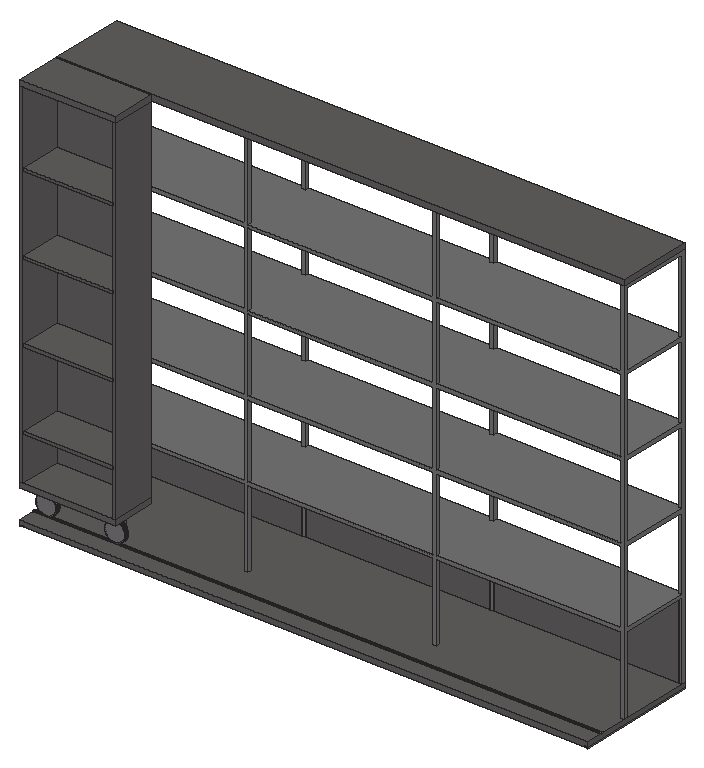
Revit family "Storage-Teknion-PCL__Literatura_Bookcase-R2015", category Furniture, Revit 2015
Parameters (values of type "75" Height w/Glider Shelf")
  Wood Frame Finish [instance] = Wood - Teknion - PWD - Dark Stained Walnut
  Width [instance] = 105.000"
  Warranty = "http://www.teknion.com/ca/papers/legal-canada"
  Unit Weight URL = "http://www.teknion.com/ca/tools/assets#&asset=bee6a381-b954-425e-8283-5a2de3a804f2,f828d448-4b62-4231-9e5f-9a8991c0ed77"
  URL = "www.teknion.com"
  Triple Front Feet [instance] = and(Depth = 22.441", or(Width = 105.000", Width = 117.000"))  # yes
  Triple Back Panel Visibility [instance] = or(Width = 105.000", Width = 117.000")  # yes
  Top Shelf Thickness = 1.037"
  Top Shelf Notch [instance] = if(Depth = 13.976", 1.000", -(2.000" + Actual Width))  # -107.394"
  Sustainability Data = "http://www.teknion.com/ca/tools/assets#&topic=216f99a5-57a0-44fc-b10a-9dee9b29ae4c&asset=444deb64-fe58-4b68-981e-f75e97781df7"
  Single Divide [instance] = if(or(Width = 70.000", Width = 94.000"), 1.000", 20.000")  # 20.000"
  Single Back Panel Visibility [instance] = or(Width = 35.000", Width = 47.000")  # no
  Shelf Location = 11.211"
  Series = "Punt Collection"  # constant formula
  Product Page URL = "https://www.teknion.com/ca/products/product-details?productlineid=13efbb6e-8e7a-673b-a6c8-ff05004460c4"
  Product Line = "Punt Collection"  # constant formula
  Product Documentation Link = "https://d2r72yk5wmppdj.cloudfront.net/m/6d514eff6f2d8621/original/PUNT-Sell-Sheet.pdf"
  Part Number = "PCLO"
  Model = "PCLO7522__"
  Middle Support Location-Dual [instance] = if(Width = 105.000", 17.146", if(Width = 117.000", 23.051", 5.000"))  # 17.146"
  Manufacturer Phone = "416-661-3370"  # constant formula
  Manufacturer Fax = "416.661.4586"  # constant formula
  Manufacturer Contact Information = "http://www.teknion.com/ca/contactus"
  Manufacturer Address = "1150 Flint Road, Toronto, ON. M3J 2J5. Canada"  # constant formula
  Manufacturer = "Teknion"  # constant formula
  Height = 74.685"
  Has Shelf Rail = yes
  Has Rail Shelf 75" = yes
  Has Rail Shelf 46" = no
  Front Feet = Depth = 22.441"  # yes
  Frame Finish [instance] = Paint - Teknion - PPB -  Black Painted
  Double Front Feet [instance] = and(Depth = 22.441", or(Width = 70.000", Width = 94.000"))  # no
  Double Divide [instance] = if(or(Width = 105.000", Width = 117.000"), 1.000", 20.000")  # 1.000"
  Double Back Panel Visibility [instance] = or(Width = 70.000", Width = 94.000")  # no
  Description = "Literatura Open w/ Glider Shelf, 75\" Height, 22\" Depth"
  Depth of Shelf Unit = 13.937"  # constant formula
  Depth = 22.441"
  Available Widths [instance] = "35, 47, 70, 94, 105, and 117 Inches."  # constant formula
  Assembly Code = "E2020200"
  Actual Width [instance] = if(Width = 35.000", 35.551", if(Width = 47.000", 47.362", if(Width = 70.000", 70.472", if(Width = 94.000", 94.095", if(Width = 105.000", 105.394", 117.205")))))  # 105.394"
  75 Hieght = 1.000"
  75 Height & Triple Cut [instance] = if(and([75 Hieght] = 20.000", Triple Back Panel Visibility), 20.000", 1.000")  # 1.000"
  75 Height & Singular Cut [instance] = if(and([75 Hieght] = 20.000", Single Back Panel Visibility), 20.000", 1.000")  # 1.000"
  75 Height & Dual Cut [instance] = if(and([75 Hieght] = 20.000", Double Back Panel Visibility), 20.000", 1.000")  # 1.000"
Reference planes (in)
  plane 1 "Center Front/Back": y = 0
  plane 2: z = 0
  plane 3 "Center Left/Right": x = 0
  plane 4 "Left": x = -52.697
  plane 5 "Right": x = 52.697
  plane 6 "Back": y = 11.2205
  plane 7 "Front": y = -11.2205
  plane 8 "Top": z = 74.685
  plane 9: x = -52.067
  plane 10: x = 52.067
  plane 11: x = -0.315
  plane 12: x = 0.315
  plane 13: x = -17.776
  plane 14: x = -17.146
  plane 15: x = 17.146
  plane 16: x = 17.776
  plane 17 "Front of Shelf Unit": y = -2.726
  plane 18 "Back of Shelf Unit": y = 11.211
  plane 19 "Horizontal Cut Plain Boundary": y = -4.726
  plane 20 "Bottom of Shelf Unit": z = 1.539
  plane 21 "Shelf 1": z = 16.52
  plane 22 "Shelf 2": z = 30.792
  plane 23 "Shelf 3": z = 45.064
  plane 24 "Shelf 4": z = 59.3357
  plane 25: z = 73.6477
  plane 26: z = 15.929
  plane 27: z = 30.201
  plane 28: z = 44.473
  plane 29: z = 58.7447
  plane 30: y = 10.581
  plane 31: y = -2.096
  plane 32: z = 15.897
  plane 33: z = 30.169
  plane 34: z = 44.441
  plane 35: z = 58.7127
  plane 36: z = 73.0247
  plane 37: z = 0.5
  plane 38: z = 0.6575
  plane 39 "Bottom of Top": z = 73.648
  plane 40: y = -2.7555
  plane 41: y = -7.9135
  plane 42: y = -7.68122
  plane 43: y = -7.81507
  plane 44: y = -8.01193
  plane 45: y = -8.14578
  plane 46: z = 1.57837
  plane 47: y = 10.0489
  plane 48: y = -1.56528
  plane 49: x = -51.5159
  plane 50: x = 51.51608
  plane 51: x = -17.461
  plane 52: x = 17.461
  plane 53: y = 10.0489
  plane 54: y = -1.56528
  plane 55: y = 10.0489
  plane 56: y = -1.56528
  plane 57: y = -9.252
  plane 58: x = -51.5159
  plane 59: x = 51.51608
  plane 60: y = -9.252
  plane 61: x = -17.461
  plane 62: x = 17.461
  plane 63: y = -9.252
  plane 64: y = -2.9525
  plane 65: y = -7.9092
Forms (in)
  Extrusion 1, solid, material "Paint - Teknion - PPB -  Black Painted" <- "Frame Finish"
    sketch origin (0, 0, 1.539) x (-1, 0, 0) y (0, -1, 0)
      loop
        line (52.697, -11.211) -> (52.697, 2.726) -> (-52.697, 2.726) -> (-52.697, -11.211) -> (52.697, -11.211)
    from 0 to 72.1087
  Extrusion 2, void
    sketch origin (0, -4.726, 0) x (-1, 0, 0) y (0, 0, 1)
      loop
        line (52.067, 15.929) -> (17.776, 15.929) -> (17.776, 1.539) -> (52.067, 1.539) -> (52.067, 15.929)
      loop
        line (-52.067, 1.539) -> (-17.776, 1.539) -> (-17.776, 15.929) -> (-52.067, 15.929) -> (-52.067, 1.539)
      loop
        line (52.067, 30.201) -> (17.776, 30.201) -> (17.776, 16.52) -> (52.067, 16.52) -> (52.067, 30.201)
      loop
        line (-52.067, 16.52) -> (-17.776, 16.52) -> (-17.776, 30.201) -> (-52.067, 30.201) -> (-52.067, 16.52)
      loop
        line (52.067, 44.473) -> (17.776, 44.473) -> (17.776, 30.792) -> (52.067, 30.792) -> (52.067, 44.473)
      loop
        line (-52.067, 30.792) -> (-17.776, 30.792) -> (-17.776, 44.473) -> (-52.067, 44.473) -> (-52.067, 30.792)
      loop
        line (52.067, 58.7447) -> (17.776, 58.7447) -> (17.776, 45.064) -> (52.067, 45.064) -> (52.067, 58.7447)
      loop
        line (-52.067, 45.064) -> (-17.776, 45.064) -> (-17.776, 58.7447) -> (-52.067, 58.7447) -> (-52.067, 45.064)
      loop
        line (52.067, 73.6477) -> (17.776, 73.6477) -> (17.776, 59.3357) -> (52.067, 59.3357) -> (52.067, 73.6477)
      loop
        line (-52.067, 59.3357) -> (-17.776, 59.3357) -> (-17.776, 73.6477) -> (-52.067, 73.6477) -> (-52.067, 59.3357)
      loop
        line (17.146, 73.6477) -> (0.315, 73.6477) -> (0.315, 59.3357) -> (17.146, 59.3357) -> (17.146, 73.6477)
      loop
        line (-0.315, 73.6477) -> (-17.146, 73.6477) -> (-17.146, 59.3357) -> (-0.315, 59.3357) -> (-0.315, 73.6477)
      loop
        line (17.146, 58.7447) -> (0.315, 58.7447) -> (0.315, 45.064) -> (17.146, 45.064) -> (17.146, 58.7447)
      loop
        line (-0.315, 58.7447) -> (-17.146, 58.7447) -> (-17.146, 45.064) -> (-0.315, 45.064) -> (-0.315, 58.7447)
      loop
        line (17.146, 44.473) -> (0.315, 44.473) -> (0.315, 30.792) -> (17.146, 30.792) -> (17.146, 44.473)
      loop
        line (-0.315, 44.473) -> (-17.146, 44.473) -> (-17.146, 30.792) -> (-0.315, 30.792) -> (-0.315, 44.473)
      loop
        line (17.146, 30.201) -> (0.315, 30.201) -> (0.315, 16.52) -> (17.146, 16.52) -> (17.146, 30.201)
      loop
        line (-0.315, 30.201) -> (-17.146, 30.201) -> (-17.146, 16.52) -> (-0.315, 16.52) -> (-0.315, 30.201)
      loop
        line (17.146, 15.929) -> (0.315, 15.929) -> (0.315, 1.539) -> (17.146, 1.539) -> (17.146, 15.929)
      loop
        line (-0.315, 15.929) -> (-17.146, 15.929) -> (-17.146, 1.539) -> (-0.315, 1.539) -> (-0.315, 15.929)
    from 0 to 15.9465
  Extrusion 3, void
    sketch origin (-52.697, 0, 0) x (0, 1, 0) y (0, 0, 1)
      loop
        line (10.581, 15.897) -> (-2.096, 15.897) -> (-2.096, 1.539) -> (10.581, 1.539) -> (10.581, 15.897)
      loop
        line (10.581, 30.169) -> (-2.096, 30.169) -> (-2.096, 16.52) -> (10.581, 16.52) -> (10.581, 30.169)
      loop
        line (10.581, 44.441) -> (-2.096, 44.441) -> (-2.096, 30.792) -> (10.581, 30.792) -> (10.581, 44.441)
      loop
        line (10.581, 58.7127) -> (-2.096, 58.7127) -> (-2.096, 45.064) -> (10.581, 45.064) -> (10.581, 58.7127)
      loop
        line (10.581, 73.0247) -> (-2.096, 73.0247) -> (-2.096, 59.3357) -> (10.581, 59.3357) -> (10.581, 73.0247)
    from 0 to 105.394
  Extrusion 4, void
    sketch origin (0, -4.726, 0) x (-1, 0, 0) y (0, 0, 1)
      loop
        line (17.776, 73.6477) -> (17.146, 73.6477) -> (17.146, 59.3357) -> (17.776, 59.3357) -> (17.776, 73.6477)
      loop
        line (-17.146, 73.6477) -> (-17.776, 73.6477) -> (-17.776, 59.3357) -> (-17.146, 59.3357) -> (-17.146, 73.6477)
      loop
        line (-17.146, 58.7447) -> (-17.776, 58.7447) -> (-17.776, 45.064) -> (-17.146, 45.064) -> (-17.146, 58.7447)
      loop
        line (17.776, 58.7447) -> (17.146, 58.7447) -> (17.146, 45.064) -> (17.776, 45.064) -> (17.776, 58.7447)
      loop
        line (17.776, 44.473) -> (17.146, 44.473) -> (17.146, 30.792) -> (17.776, 30.792) -> (17.776, 44.473)
      loop
        line (-17.146, 44.473) -> (-17.776, 44.473) -> (-17.776, 30.792) -> (-17.146, 30.792) -> (-17.146, 44.473)
      loop
        line (17.776, 30.201) -> (17.146, 30.201) -> (17.146, 16.52) -> (17.776, 16.52) -> (17.776, 30.201)
      loop
        line (-17.146, 30.201) -> (-17.776, 30.201) -> (-17.776, 16.52) -> (-17.146, 16.52) -> (-17.146, 30.201)
      loop
        line (17.776, 15.929) -> (17.146, 15.929) -> (17.146, 1.539) -> (17.776, 1.539) -> (17.776, 15.929)
      loop
        line (-17.146, 15.929) -> (-17.776, 15.929) -> (-17.776, 1.539) -> (-17.146, 1.539) -> (-17.146, 15.929)
    from 0 to 1 <- "Double Divide"
  Extrusion 5, void
    sketch origin (0, -4.726, 0) x (-1, 0, 0) y (0, 0, 1)
      loop
        line (0.315, 73.6477) -> (-0.315, 73.6477) -> (-0.315, 59.3357) -> (0.315, 59.3357) -> (0.315, 73.6477)
      loop
        line (0.315, 58.7447) -> (-0.315, 58.7447) -> (-0.315, 45.064) -> (0.315, 45.064) -> (0.315, 58.7447)
      loop
        line (0.315, 44.473) -> (-0.315, 44.473) -> (-0.315, 30.792) -> (0.315, 30.792) -> (0.315, 44.473)
      loop
        line (0.315, 30.201) -> (-0.315, 30.201) -> (-0.315, 16.52) -> (0.315, 16.52) -> (0.315, 30.201)
      loop
        line (0.315, 15.929) -> (-0.315, 15.929) -> (-0.315, 1.539) -> (0.315, 1.539) -> (0.315, 15.929)
    from 0 to 20 <- "Single Divide"
  Extrusion 6, solid, material "Wood - Teknion - PWD - Dark Stained Walnut" <- "Wood Frame Finish"
    sketch origin (0, -4.726, 0) x (-1, 0, 0) y (0, 0, 1)
      loop
        line (52.697, 1.539) -> (-52.697, 1.539) -> (-52.697, 0.6575) -> (-52.067, 0.6575) -> (-52.067, 0.5) -> (52.067, 0.5) -> (52.067, 0.6575) -> (52.697, 0.6575) -> (52.697, 1.539)
    from -6.4945 to 15.9465
  Extrusion 7, solid, material "Wood - Teknion - PWD - Dark Stained Walnut" <- "Wood Frame Finish", visible <- "Single Back Panel Visibility"
    sketch origin (0, 0, 1.539) x (-1, 0, 0) y (0, -1, 0)
      loop
        line (52.067, -11.2205) -> (52.067, -10.581) -> (-52.067, -10.581) -> (-52.067, -11.2205) -> (52.067, -11.2205)
    from 0 to 14.39
  Extrusion 8, solid, material "Wood - Teknion - PWD - Dark Stained Walnut" <- "Wood Frame Finish", visible <- "Double Back Panel Visibility"
    sketch origin (0, 0, 1.539) x (-1, 0, 0) y (0, -1, 0)
      loop
        line (52.067, -11.2205) -> (52.067, -10.581) -> (0.315, -10.581) -> (0.315, -11.2205) -> (52.067, -11.2205)
      loop
        line (-0.315, -11.2205) -> (-0.315, -10.581) -> (-52.067, -10.581) -> (-52.067, -11.2205) -> (-0.315, -11.2205)
    from 0 to 14.39
  Extrusion 9, solid, material "Wood - Teknion - PWD - Dark Stained Walnut" <- "Wood Frame Finish", visible <- "Triple Back Panel Visibility"
    sketch origin (0, 0, 1.539) x (-1, 0, 0) y (0, -1, 0)
      loop
        line (52.067, -11.2205) -> (52.067, -10.581) -> (17.776, -10.581) -> (17.776, -11.2205) -> (52.067, -11.2205)
      loop
        line (-17.776, -11.2205) -> (-17.776, -10.581) -> (-52.067, -10.581) -> (-52.067, -11.2205) -> (-17.776, -11.2205)
      loop
        line (17.146, -11.2205) -> (17.146, -10.581) -> (-17.146, -10.581) -> (-17.146, -11.2205) -> (17.146, -11.2205)
    from 0 to 14.39
  Extrusion 10, solid, material "Wood - Teknion - PWD - Dark Stained Walnut" <- "Wood Frame Finish"
    sketch origin (0, 0, 74.685) x (-1, 0, 0) y (0, -1, 0)
      loop
        line (52.697, -11.2205) -> (52.697, 2.7555) -> (-52.697, 2.7555) -> (-52.697, -11.2205) -> (52.697, -11.2205)
    from -1.037 to 0
  Extrusion 11, void
    sketch origin (0, -4.726, 0) x (-1, 0, 0) y (0, 0, 1)
      loop
        line (52.697, 73.6477) -> (-52.697, 73.6477) -> (-52.697, 45.064) -> (52.697, 45.064) -> (52.697, 73.6477)
    from 0 to 1 <- "75 Hieght"
  Extrusion 12, void
    sketch origin (0, -4.726, 0) x (-1, 0, 0) y (0, 0, 1)
      loop
        line (52.067, 45.064) -> (-52.067, 45.064) -> (-52.067, 44.473) -> (52.067, 44.473) -> (52.067, 45.064)
    from 0 to 1 <- "75 Height & Singular Cut"
  Extrusion 13, void
    sketch origin (0, -4.726, 0) x (-1, 0, 0) y (0, 0, 1)
      loop
        line (52.067, 45.064) -> (0.315, 45.064) -> (0.315, 44.473) -> (52.067, 44.473) -> (52.067, 45.064)
      loop
        line (-0.315, 45.064) -> (-52.067, 45.064) -> (-52.067, 44.473) -> (-0.315, 44.473) -> (-0.315, 45.064)
    from 0 to 1 <- "75 Height & Dual Cut"
  Extrusion 14, void
    sketch origin (0, -4.726, 0) x (-1, 0, 0) y (0, 0, 1)
      loop
        line (52.067, 45.064) -> (17.776, 45.064) -> (17.776, 44.473) -> (52.067, 44.473) -> (52.067, 45.064)
      loop
        line (17.146, 45.064) -> (-17.146, 45.064) -> (-17.146, 44.473) -> (17.146, 44.473) -> (17.146, 45.064)
      loop
        line (-17.776, 45.064) -> (-52.067, 45.064) -> (-52.067, 44.473) -> (-17.776, 44.473) -> (-17.776, 45.064)
    from 0 to 1 <- "75 Height & Triple Cut"
  Extrusion 15, solid, material "Paint - Teknion - PPB -  Black Painted" <- "Frame Finish", visible <- "Has Shelf Rail"
    sketch origin (0, 0, 0) x (0, 1, 0) y (0, 0, 1)
      loop
        arc (-7.81507, 1.65317) -> (-7.9135, 1.7516) -> (-8.01193, 1.65317) r 0.09843
        line (-8.01193, 1.65317) -> (-8.01193, 1.57837) -> (-8.14578, 1.57837) -> (-8.14578, 1.539) -> (-7.68122, 1.539) -> (-7.68122, 1.57837) -> (-7.81507, 1.57837) -> (-7.81507, 1.65317)
    from -52.697 to 52.697
  Extrusion 16, solid, material "Paint - Teknion - PPB -  Black Painted" <- "Frame Finish"
    sketch origin (0, 0, 0) x (1, 0, 0) y (0, 1, 0)
      loop
        line (-52.697, 11.211) -> (-52.697, -11.2205) -> (-52.067, -11.2205) -> (-52.067, 11.211) -> (-52.697, 11.211)
      loop
        line (52.067, 11.211) -> (52.067, -11.2205) -> (52.697, -11.2205) -> (52.697, 11.211) -> (52.067, 11.211)
    from 0.5 to 0.6575
  Extrusion 17, solid, material "Paint - Teknion - PPB -  Black Painted" <- "Frame Finish"
    sketch origin (0, 0, 0) x (1, 0, 0) y (0, 1, 0)
      loop
        circle (51.51608, -1.56528) r 0.5
      loop
        circle (-51.5159, -1.56528) r 0.5
      loop
        circle (51.51608, 10.0489) r 0.5
      loop
        circle (-51.5159, 10.0489) r 0.5
    from 0 to 0.5
  Extrusion 18, solid, material "Paint - Teknion - PPB -  Black Painted" <- "Frame Finish", visible <- "Triple Back Panel Visibility"
    sketch origin (0, 0, 0) x (1, 0, 0) y (0, 1, 0)
      loop
        circle (-17.461, 10.0489) r 0.5
      loop
        circle (-17.461, -1.56528) r 0.5
      loop
        circle (17.461, 10.0489) r 0.5
      loop
        circle (17.461, -1.56528) r 0.5
    from 0 to 0.5
  Extrusion 19, solid, material "Paint - Teknion - PPB -  Black Painted" <- "Frame Finish", visible <- "Double Back Panel Visibility"
    sketch origin (0, 0, 0) x (1, 0, 0) y (0, 1, 0)
      loop
        circle (0, 10.0489) r 0.5
      loop
        circle (0, -1.56528) r 0.5
    from 0 to 0.5
  Extrusion 20, solid, material "Paint - Teknion - PPB -  Black Painted" <- "Frame Finish", visible <- "Front Feet"
    sketch origin (0, 0, 0) x (1, 0, 0) y (0, 1, 0)
      loop
        circle (-51.5159, -9.252) r 0.5
      loop
        circle (51.5159, -9.252) r 0.5
    from 0 to 0.5
  Extrusion 21, solid, material "Paint - Teknion - PPB -  Black Painted" <- "Frame Finish", visible <- "Triple Front Feet"
    sketch origin (0, 0, 0) x (1, 0, 0) y (0, 1, 0)
      loop
        circle (-17.461, -9.252) r 0.5
      loop
        circle (17.461, -9.252) r 0.5
    from 0 to 0.5
  Extrusion 22, solid, material "Paint - Teknion - PPB -  Black Painted" <- "Frame Finish", visible <- "Double Front Feet"
    sketch origin (0, 0, 0) x (1, 0, 0) y (0, 1, 0)
      loop
        circle (0, -9.252) r 0.5
    from 0 to 0.5
Cuts and joins
  Extrusion 2, Extrusion 3, Extrusion 4, Extrusion 5, Extrusion 11, Extrusion 12, Extrusion 13, Extrusion 14 cuts Extrusion 1
Lines and regions (in)
  Masking region 1
    outline origin (0, 0, 0) x (1, 0, 0) y (0, 1, 0)
      loop
        line (-52.697, 11.2205) -> (-52.697, -11.2205) -> (52.697, -11.2205) -> (52.697, 11.2205) -> (-52.697, 11.2205)
  symbolic lines, style "FurnitureHiddenLines", detail levels medium+fine
    curve 1: line (-52.697, 10.581, 0) -> (52.697, 10.581, 0)
    curve 2: line (-52.067, 11.211, 0) -> (-52.067, -2.726, 0)
    curve 3: line (-52.697, -2.726, 0) -> (52.697, -2.726, 0)
    curve 4: line (52.067, -2.726, 0) -> (52.067, 11.211, 0)
    curve 5: line (52.697, 11.211, 0) -> (-52.697, 11.211, 0)
    curve 21: line (-52.697, -2.096, 0) -> (-52.067, -2.096, 0)
    curve 22: line (52.067, -2.096, 0) -> (52.697, -2.096, 0)
  symbolic lines, style "FurnitureHiddenLines", visible <- "Double Back Panel Visibility", detail levels medium+fine
    curve 6: line (-0.315, -2.726, 0) -> (-0.315, 11.2205, 0)
    curve 7: line (0.315, 11.2205, 0) -> (0.315, -2.726, 0)
    curve 8: line (-0.315, -2.096, 0) -> (0.315, -2.096, 0)
  symbolic lines, style "FurnitureHiddenLines", visible <- "Double Back Panel Visibility", detail levels fine
    curve 9: arc (0.5, 10.0489, 0) -> (0, 10.5489, 0) -> (-0.5, 10.0489, 0) r 0.5
    curve 10: arc (-0.5, 10.0489, 0) -> (0, 9.5489, 0) -> (0.5, 10.0489, 0) r 0.5
    curve 11: arc (0.5, -1.56528, 0) -> (0, -1.06528, 0) -> (-0.5, -1.56528, 0) r 0.5
    curve 12: arc (-0.5, -1.56528, 0) -> (0, -2.06528, 0) -> (0.5, -1.56528, 0) r 0.5
  symbolic lines, style "FurnitureHiddenLines", detail levels fine
    curve 13: arc (-51.0159, 10.0489, 0) -> (-51.5159, 10.5489, 0) -> (-52.0159, 10.0489, 0) r 0.5
    curve 14: arc (-52.0159, 10.0489, 0) -> (-51.5159, 9.5489, 0) -> (-51.0159, 10.0489, 0) r 0.5
    curve 15: arc (-51.0159, -1.56528, 0) -> (-51.5159, -1.06528, 0) -> (-52.0159, -1.56528, 0) r 0.5
    curve 16: arc (-52.0159, -1.56528, 0) -> (-51.5159, -2.06528, 0) -> (-51.0159, -1.56528, 0) r 0.5
    curve 17: arc (52.01608, -1.56528, 0) -> (51.51608, -1.06528, 0) -> (51.01608, -1.56528, 0) r 0.5
    curve 18: arc (51.01608, -1.56528, 0) -> (51.51608, -2.06528, 0) -> (52.01608, -1.56528, 0) r 0.5
    curve 19: arc (52.01608, 10.0489, 0) -> (51.51608, 10.5489, 0) -> (51.01608, 10.0489, 0) r 0.5
    curve 20: arc (51.01608, 10.0489, 0) -> (51.51608, 9.5489, 0) -> (52.01608, 10.0489, 0) r 0.5
  symbolic lines, style "FurnitureHiddenLines", visible <- "Triple Back Panel Visibility", detail levels medium+fine
    curve 23: line (-17.776, 11.2205, 0) -> (-17.776, -2.7555, 0)
    curve 24: line (-17.146, -2.7555, 0) -> (-17.146, 11.2205, 0)
    curve 25: line (-17.776, -2.096, 0) -> (-17.146, -2.096, 0)
    curve 26: line (17.146, 11.2205, 0) -> (17.146, -2.726, 0)
    curve 27: line (17.776, -2.726, 0) -> (17.776, 11.2205, 0)
    curve 28: line (17.146, -2.096, 0) -> (17.776, -2.096, 0)
  symbolic lines, style "FurnitureHiddenLines", visible <- "Triple Back Panel Visibility", detail levels fine
    curve 29: arc (16.961, 10.0489, 0) -> (17.461, 9.5489, 0) -> (17.961, 10.0489, 0) r 0.5
    curve 30: arc (17.961, 10.0489, 0) -> (17.461, 10.5489, 0) -> (16.961, 10.0489, 0) r 0.5
    curve 31: arc (17.961, -1.56528, 0) -> (17.461, -1.06528, 0) -> (16.961, -1.56528, 0) r 0.5
    curve 32: arc (16.961, -1.56528, 0) -> (17.461, -2.06528, 0) -> (17.961, -1.56528, 0) r 0.5
    curve 33: arc (-16.961, -1.56528, 0) -> (-17.461, -1.06528, 0) -> (-17.961, -1.56528, 0) r 0.5
    curve 34: arc (-17.961, -1.56528, 0) -> (-17.461, -2.06528, 0) -> (-16.961, -1.56528, 0) r 0.5
    curve 35: arc (-16.961, 10.0489, 0) -> (-17.461, 10.5489, 0) -> (-17.961, 10.0489, 0) r 0.5
    curve 36: arc (-17.961, 10.0489, 0) -> (-17.461, 9.5489, 0) -> (-16.961, 10.0489, 0) r 0.5
  symbolic lines
    curve 37: line (-52.697, -2.7555, 0) -> (52.697, -2.7555, 0)
  symbolic lines, visible <- "Has Shelf Rail"
    curve 38: line (52.697, -7.68122, 0) -> (-34.9805, -7.68122, 0)
    curve 39: line (52.697, -7.81507, 0) -> (-34.98039, -7.81507, 0)
    curve 54: line (-34.98046, -8.01193, 0) -> (52.697, -8.01193, 0)
    curve 55: line (-34.97995, -8.14578, 0) -> (52.697, -8.14578, 0)
  symbolic lines, style "FurnitureHiddenLines", visible <- "Has Shelf Rail", detail levels medium+fine
    curve 40: line (-52.697, -8.01193, 0) -> (-34.98046, -8.01193, 0)
    curve 41: line (-52.697, -8.14578, 0) -> (-34.97995, -8.14578, 0)
    curve 52: line (-34.9805, -7.68122, 0) -> (-52.697, -7.68122, 0)
    curve 53: line (-34.98039, -7.81507, 0) -> (-52.697, -7.81507, 0)
  symbolic lines, style "FurnitureHiddenLines", visible <- "Front Feet", detail levels fine
    curve 42: arc (-51.0159, -9.252, 0) -> (-51.5159, -8.752, 0) -> (-52.0159, -9.252, 0) r 0.5
    curve 43: arc (-52.0159, -9.252, 0) -> (-51.5159, -9.752, 0) -> (-51.0159, -9.252, 0) r 0.5
    curve 44: arc (52.0159, -9.252, 0) -> (51.5159, -8.752, 0) -> (51.0159, -9.252, 0) r 0.5
    curve 45: arc (51.0159, -9.252, 0) -> (51.5159, -9.752, 0) -> (52.0159, -9.252, 0) r 0.5
  symbolic lines, style "FurnitureHiddenLines", visible <- "Triple Front Feet", detail levels fine
    curve 46: arc (16.961, -9.252, 0) -> (17.461, -9.752, 0) -> (17.961, -9.252, 0) r 0.5
    curve 47: arc (-16.961, -9.252, 0) -> (-17.461, -8.752, 0) -> (-17.961, -9.252, 0) r 0.5
    curve 48: arc (-17.961, -9.252, 0) -> (-17.461, -9.752, 0) -> (-16.961, -9.252, 0) r 0.5
    curve 49: arc (17.961, -9.252, 0) -> (17.461, -8.752, 0) -> (16.961, -9.252, 0) r 0.5
  symbolic lines, style "FurnitureHiddenLines", visible <- "Double Front Feet", detail levels fine
    curve 50: arc (0.5, -9.252, 0) -> (0, -8.752, 0) -> (-0.5, -9.252, 0) r 0.5
    curve 51: arc (-0.5, -9.252, 0) -> (0, -9.752, 0) -> (0.5, -9.252, 0) r 0.5
Dimensions and locks (in)
  "Actual Width": plane 4 "Left" to plane 5 "Right"
  "Depth": plane 6 "Back" to plane 7 "Front"
  "Height": plane 8 "Top" to level
  locked: plane 9 to plane 4 "Left" at 0.63
  locked: plane 5 "Right" to plane 10 at 0.63
  plane 12 to plane 3 "Center Left/Right" to plane 11 = 0.315" locked, 0.315" locked
  "Middle Support Location-Dual": plane 14 to plane 3 "Center Left/Right"
  "Middle Support Location-Dual": plane 3 "Center Left/Right" to plane 15
  equal spacing: plane 4 "Left", plane 3 "Center Left/Right", plane 5 "Right"
  equal spacing: plane 6 "Back", plane 1 "Center Front/Back", plane 7 "Front"
  locked: plane 13 to plane 14 at 0.63
  locked: plane 15 to plane 16 at 0.63
  plane 9 to plane 13 = 34.291"
  plane 14 to plane 15 = 34.292"
  plane 16 to plane 10 = 34.291"
  "Depth of Shelf Unit": plane 18 "Back of Shelf Unit" to plane 17 "Front of Shelf Unit"
  "Shelf Location": plane 18 "Back of Shelf Unit" to plane 1 "Center Front/Back"
  plane 17 "Front of Shelf Unit" to plane 19 "Horizontal Cut Plain Boundary" = 2.000"
  locked: plane 20 "Bottom of Shelf Unit" to plane 2 at 1.539
  plane 25 to plane 24 "Shelf 4" to plane 23 "Shelf 3" to plane 22 "Shelf 2" to plane 21 "Shelf 1" to level = 14.312" locked, 14.2717" locked, 14.272" locked, 14.272" locked, 16.520" locked
  locked: plane 21 "Shelf 1" to plane 26 at 0.591
  locked: plane 22 "Shelf 2" to plane 27 at 0.591
  locked: plane 23 "Shelf 3" to plane 28 at 0.591
  locked: plane 24 "Shelf 4" to plane 29 at 0.591
  locked: plane 18 "Back of Shelf Unit" to plane 30 at 0.63
  locked: plane 31 to plane 17 "Front of Shelf Unit" at 0.63
  locked: plane 21 "Shelf 1" to plane 32 at 0.623
  locked: plane 22 "Shelf 2" to plane 33 at 0.623
  locked: plane 23 "Shelf 3" to plane 34 at 0.623
  locked: plane 24 "Shelf 4" to plane 35 at 0.623
  locked: plane 25 to plane 36 at 0.623
  plane 38 to plane 37 to level = 0.1575" locked, 0.500" locked
  "Top Shelf Thickness": plane 8 "Top" to plane 39 "Bottom of Top"
  locked: plane 6 "Back" to plane 40 at 13.976
  locked: plane 17 "Front of Shelf Unit" to plane 41 at 5.1875
  plane 42 to plane 43 to plane 41 to plane 44 to plane 45 = 0.13386" locked, 0.09843" locked, 0.09843" locked, 0.13386" locked
  Extrusion 15 sketch curve to plane 46 to plane 20 "Bottom of Shelf Unit" = 0.0748" locked, 0.03937" locked
  locked: plane 4 "Left" to plane 49 at 1.1811
  locked: plane 48 to plane 17 "Front of Shelf Unit" at 1.16072
  locked: plane 50 to plane 5 "Right" at 1.18092
  locked: plane 18 "Back of Shelf Unit" to plane 47 at 1.1621
  locked: Extrusion 17 sketch curve to plane 49 at 0  (x2)
  locked: Extrusion 17 sketch curve to plane 47 at 0  (x2)
  locked: plane 50 to Extrusion 17 sketch curve at 0  (x2)
  locked: Extrusion 17 sketch curve to plane 48 at 0  (x2)
  equal spacing: plane 13, plane 51, plane 14
  equal spacing: plane 15, plane 52, plane 16
  locked: plane 30 to plane 53 at 0.5321
  locked: plane 54 to plane 31 at 0.53072
  locked: Extrusion 18 sketch curve to plane 51 at 0
  locked: plane 53 to Extrusion 18 sketch curve at 0  (x2)
  locked: plane 52 to Extrusion 18 sketch curve at 0
  locked: Extrusion 18 sketch curve to plane 52 at 0
  locked: plane 54 to Extrusion 18 sketch curve at 0
  locked: Extrusion 18 sketch curve to plane 54 at 0
  locked: plane 51 to Extrusion 18 sketch curve at 0
  locked: plane 31 to plane 56 at 0.53072
  locked: plane 30 to plane 55 at 0.5321
  locked: plane 55 to Extrusion 19 sketch curve at 0
  locked: plane 3 "Center Left/Right" to Extrusion 19 sketch curve at 0  (x2)
  locked: plane 56 to Extrusion 19 sketch curve at 0
  locked: plane 17 "Front of Shelf Unit" to plane 57 at 6.526
  locked: plane 4 "Left" to plane 58 at 1.1811
  locked: plane 59 to plane 5 "Right" at 1.18092
  locked: Extrusion 20 sketch curve to plane 59 at 0.00018
  locked: plane 57 to Extrusion 20 sketch curve at 0  (x2)
  locked: plane 58 to Extrusion 20 sketch curve at 0
  equal spacing: plane 13, plane 61, plane 14
  equal spacing: plane 15, plane 62, plane 16
  locked: plane 17 "Front of Shelf Unit" to plane 60 at 6.526
  locked: Extrusion 21 sketch curve to plane 61 at 0
  locked: Extrusion 21 sketch curve to plane 60 at 0  (x2)
  locked: Extrusion 21 sketch curve to plane 62 at 0
  locked: plane 17 "Front of Shelf Unit" to plane 63 at 6.526
  locked: plane 3 "Center Left/Right" to Extrusion 22 sketch curve at 0
  locked: plane 63 to Extrusion 22 sketch curve at 0
  Extrusion 10 to plane 64 = 0.197"
  locked: plane 65 to plane 7 "Front" at 3.3113
  aligned and locked: level to plane 2
  aligned and locked: plane 17 "Front of Shelf Unit" to Extrusion 1 sketch curve
  aligned and locked: Extrusion 1 sketch curve to plane 18 "Back of Shelf Unit"
  aligned and locked: plane 5 "Right" to Extrusion 1 sketch curve
  aligned and locked: plane 4 "Left" to Extrusion 1 sketch curve
  aligned and locked: Extrusion 2 sketch curve to plane 25  (x3)
  aligned and locked: plane 9 to Extrusion 2 sketch curve  (x5)
  aligned and locked: Extrusion 2 sketch curve to plane 10  (x5)
  aligned and locked: Extrusion 2 sketch curve to plane 24 "Shelf 4"
  aligned and locked: Extrusion 2 sketch curve to plane 29  (x3)
  aligned and locked: Extrusion 2 sketch curve to plane 23 "Shelf 3"
  aligned and locked: Extrusion 2 sketch curve to plane 28  (x3)
  aligned and locked: Extrusion 2 sketch curve to plane 22 "Shelf 2"
  aligned and locked: Extrusion 2 sketch curve to plane 27  (x3)
  aligned and locked: Extrusion 2 sketch curve to plane 21 "Shelf 1"
  aligned and locked: Extrusion 2 sketch curve to plane 26  (x3)
  aligned and locked: Extrusion 2 sketch curve to plane 20 "Bottom of Shelf Unit"
  aligned and locked: Extrusion 2 to plane 6 "Back"
  aligned and locked: Extrusion 2 to plane 19 "Horizontal Cut Plain Boundary"
  aligned and locked: cut or joined group 1 (Extrusion 1, Extrusion 2, Extrusion 3, Extrusion 4, Extrusion 5, Extrusion 11, Extrusion 12, Extrusion 13, Extrusion 14) to plane 25
  aligned and locked: plane 20 "Bottom of Shelf Unit" to Extrusion 3 sketch curve
  aligned and locked: plane 31 to Extrusion 3 sketch curve  (x5)
  aligned and locked: Extrusion 3 sketch curve to plane 30  (x5)
  aligned and locked: Extrusion 3 sketch curve to plane 32
  aligned and locked: Extrusion 3 sketch curve to plane 33
  aligned and locked: plane 21 "Shelf 1" to Extrusion 3 sketch curve
  aligned and locked: Extrusion 3 sketch curve to plane 34
  aligned and locked: plane 22 "Shelf 2" to Extrusion 3 sketch curve
  aligned and locked: Extrusion 3 sketch curve to plane 35
  aligned and locked: plane 23 "Shelf 3" to Extrusion 3 sketch curve
  aligned and locked: Extrusion 3 sketch curve to plane 36
  aligned and locked: plane 24 "Shelf 4" to Extrusion 3 sketch curve
  aligned and locked: Extrusion 3 to plane 4 "Left"
  aligned and locked: Extrusion 3 to plane 5 "Right"
  aligned and locked: plane 13 to Extrusion 2 sketch curve
  aligned and locked: plane 16 to Extrusion 2 sketch curve
  aligned and locked: Extrusion 2 sketch curve to plane 11  (x5)
  aligned and locked: Extrusion 2 sketch curve to plane 12  (x5)
  aligned and locked: Extrusion 2 sketch curve to plane 14  (x5)
  aligned and locked: plane 15 to Extrusion 2 sketch curve  (x5)
  aligned and locked: plane 20 "Bottom of Shelf Unit" to Extrusion 2 sketch curve  (x2)
  aligned and locked: plane 21 "Shelf 1" to Extrusion 2 sketch curve  (x2)
  aligned and locked: plane 22 "Shelf 2" to Extrusion 2 sketch curve  (x2)
  aligned and locked: plane 23 "Shelf 3" to Extrusion 2 sketch curve  (x2)
  aligned and locked: plane 24 "Shelf 4" to Extrusion 2 sketch curve  (x2)
  aligned and locked: Extrusion 4 sketch curve to plane 25  (x2)
  aligned and locked: Extrusion 4 sketch curve to plane 13  (x5)
  aligned and locked: plane 24 "Shelf 4" to Extrusion 4 sketch curve  (x2)
  aligned and locked: plane 14 to Extrusion 4 sketch curve  (x5)
  aligned and locked: Extrusion 4 sketch curve to plane 15  (x5)
  aligned and locked: plane 16 to Extrusion 4 sketch curve  (x5)
  aligned and locked: plane 23 "Shelf 3" to Extrusion 4 sketch curve  (x2)
  aligned and locked: plane 22 "Shelf 2" to Extrusion 4 sketch curve  (x2)
  aligned and locked: plane 21 "Shelf 1" to Extrusion 4 sketch curve  (x2)
  aligned and locked: plane 20 "Bottom of Shelf Unit" to Extrusion 4 sketch curve  (x2)
  aligned and locked: plane 11 to Extrusion 5 sketch curve  (x5)
  aligned and locked: plane 12 to Extrusion 5 sketch curve  (x5)
  aligned and locked: plane 20 "Bottom of Shelf Unit" to Extrusion 5 sketch curve
  aligned and locked: plane 21 "Shelf 1" to Extrusion 5 sketch curve
  aligned and locked: plane 22 "Shelf 2" to Extrusion 5 sketch curve
  aligned and locked: plane 23 "Shelf 3" to Extrusion 5 sketch curve
  aligned and locked: plane 24 "Shelf 4" to Extrusion 5 sketch curve
  aligned and locked: Extrusion 5 sketch curve to plane 25
  aligned and locked: Extrusion 6 sketch curve to plane 20 "Bottom of Shelf Unit"
  aligned and locked: plane 4 "Left" to Extrusion 6 sketch curve
  aligned and locked: plane 38 to Extrusion 6 sketch curve
  aligned and locked: Extrusion 6 sketch curve to plane 9
  aligned and locked: Extrusion 6 sketch curve to plane 38
  aligned and locked: plane 5 "Right" to Extrusion 6 sketch curve
  aligned and locked: plane 10 to Extrusion 6 sketch curve
  aligned and locked: Extrusion 6 sketch curve to plane 37
  aligned and locked: Extrusion 6 to plane 6 "Back"
  aligned and locked: Extrusion 6 to plane 7 "Front"
  aligned and locked: Extrusion 7 sketch curve to plane 6 "Back"
  aligned and locked: Extrusion 7 sketch curve to plane 10
  aligned and locked: plane 30 to Extrusion 7 sketch curve
  aligned and locked: plane 9 to Extrusion 7 sketch curve
  aligned and locked: Extrusion 7 to cut or joined group 1
  aligned and locked: plane 9 to Extrusion 8 sketch curve
  aligned and locked: plane 30 to Extrusion 8 sketch curve  (x2)
  aligned and locked: Extrusion 8 sketch curve to plane 6 "Back"  (x2)
  aligned and locked: Extrusion 8 sketch curve to plane 12
  aligned and locked: Extrusion 8 sketch curve to plane 10
  aligned and locked: Extrusion 8 to cut or joined group 1
  aligned and locked: plane 9 to Extrusion 9 sketch curve
  aligned and locked: plane 13 to Extrusion 9 sketch curve
  aligned and locked: plane 30 to Extrusion 9 sketch curve  (x3)
  aligned and locked: Extrusion 9 sketch curve to plane 6 "Back"  (x2)
  aligned and locked: Extrusion 9 sketch curve to plane 14
  aligned and locked: plane 15 to Extrusion 9 sketch curve
  aligned and locked: plane 6 "Back" to Extrusion 9 sketch curve
  aligned and locked: Extrusion 9 sketch curve to plane 16
  aligned and locked: Extrusion 9 sketch curve to plane 10
  aligned and locked: Extrusion 9 to cut or joined group 1
  aligned and locked: Extrusion 9 to plane 20 "Bottom of Shelf Unit"
  aligned and locked: Extrusion 8 to plane 20 "Bottom of Shelf Unit"
  aligned and locked: Extrusion 7 to plane 20 "Bottom of Shelf Unit"
  aligned and locked: Extrusion 10 sketch curve to plane 6 "Back"
  aligned and locked: plane 5 "Right" to Extrusion 10 sketch curve
  aligned and locked: plane 4 "Left" to Extrusion 10 sketch curve
  aligned and locked: Extrusion 10 to plane 39 "Bottom of Top"
  aligned and locked: plane 8 "Top" to Extrusion 10
  aligned and locked: plane 4 "Left" to Extrusion 11 sketch curve
  aligned and locked: plane 5 "Right" to Extrusion 11 sketch curve
  aligned and locked: Extrusion 11 sketch curve to plane 25
  aligned and locked: Extrusion 11 sketch curve to plane 23 "Shelf 3"
  aligned and locked: Extrusion 12 sketch curve to plane 23 "Shelf 3"
  aligned and locked: plane 9 to Extrusion 12 sketch curve
  aligned and locked: Extrusion 12 sketch curve to plane 10
  aligned and locked: Extrusion 13 sketch curve to plane 23 "Shelf 3"  (x2)
  aligned and locked: plane 9 to Extrusion 13 sketch curve
  aligned and locked: Extrusion 13 sketch curve to plane 11
  aligned and locked: Extrusion 13 sketch curve to plane 12
  aligned and locked: Extrusion 13 sketch curve to plane 10
  aligned and locked: Extrusion 14 sketch curve to plane 23 "Shelf 3"  (x3)
  aligned and locked: plane 9 to Extrusion 14 sketch curve
  aligned and locked: plane 13 to Extrusion 14 sketch curve
  aligned and locked: Extrusion 14 sketch curve to plane 14
  aligned and locked: plane 15 to Extrusion 14 sketch curve
  aligned and locked: Extrusion 14 sketch curve to plane 16
  aligned and locked: Extrusion 14 sketch curve to plane 10
  aligned and locked: Extrusion 12 to plane 19 "Horizontal Cut Plain Boundary"
  aligned and locked: Extrusion 13 to plane 19 "Horizontal Cut Plain Boundary"
  aligned and locked: Extrusion 14 to plane 19 "Horizontal Cut Plain Boundary"
  aligned and locked: Extrusion 10 sketch curve to plane 40
  aligned and locked: plane 20 "Bottom of Shelf Unit" to Extrusion 15 sketch curve
  aligned and locked: Extrusion 15 sketch curve to plane 42
  aligned and locked: Extrusion 15 sketch curve to plane 43
  aligned and locked: plane 44 to Extrusion 15 sketch curve
  aligned and locked: plane 45 to Extrusion 15 sketch curve
  aligned and locked: Extrusion 15 sketch curve to plane 46  (x2)
  aligned and locked: Extrusion 15 to plane 5 "Right"
  aligned and locked: Extrusion 15 to plane 4 "Left"
  aligned and locked: Extrusion 16 sketch curve to plane 18 "Back of Shelf Unit"  (x2)
  aligned and locked: plane 4 "Left" to Extrusion 16 sketch curve
  aligned and locked: Extrusion 16 sketch curve to plane 9
  aligned and locked: plane 7 "Front" to Extrusion 16 sketch curve
  aligned and locked: Extrusion 16 sketch curve to plane 7 "Front"
  aligned and locked: plane 10 to Extrusion 16 sketch curve
  aligned and locked: plane 5 "Right" to Extrusion 16 sketch curve
  aligned and locked: Extrusion 16 to plane 38
  aligned and locked: Extrusion 16 to plane 37
  aligned and locked: Extrusion 17 to level
  aligned and locked: plane 37 to Extrusion 18
  aligned and locked: Extrusion 18 to level
  aligned and locked: plane 37 to Extrusion 19
  aligned and locked: Extrusion 19 to level
  aligned and locked: Extrusion 20 to plane 37
  aligned and locked: Extrusion 20 to level
  aligned and locked: plane 37 to Extrusion 21
  aligned and locked: Extrusion 21 to level
  aligned and locked: Extrusion 22 to level
  aligned and locked: plane 37 to Extrusion 22
  aligned and locked: nested 2 to plane 64
  aligned and locked: nested 1 to nested 2  (x2)
  aligned and locked: nested 2 to plane 4 "Left"
  aligned and locked: nested 1 to plane 4 "Left"
  aligned and locked: Masking region 1 sketch curve to plane 6 "Back"
  aligned and locked: plane 5 "Right" to Masking region 1 sketch curve
  aligned and locked: plane 4 "Left" to Masking region 1 sketch curve
  aligned and locked: Masking region 1 sketch curve to plane 7 "Front"
  aligned and locked: plane 18 "Back of Shelf Unit" to curve 4
  aligned and locked: curve 9 to Extrusion 19
  aligned and locked: curve 10 to Extrusion 19
  aligned and locked: curve 11 to Extrusion 19
  aligned and locked: curve 12 to Extrusion 19
  aligned and locked: curve 13 to Extrusion 17
  aligned and locked: curve 14 to Extrusion 17
  aligned and locked: curve 15 to Extrusion 17
  aligned and locked: curve 16 to Extrusion 17
  aligned and locked: curve 17 to Extrusion 17
  aligned and locked: curve 18 to Extrusion 17
  aligned and locked: curve 19 to Extrusion 17
  aligned and locked: curve 20 to Extrusion 17
  aligned and locked: Extrusion 8 sketch curve to plane 11
  aligned and locked: plane 11 to curve 6
  aligned and locked: curve 24 to plane 14
  aligned and locked: curve 29 to Extrusion 18
  aligned and locked: curve 30 to Extrusion 18
  aligned and locked: curve 31 to Extrusion 18
  aligned and locked: curve 32 to Extrusion 18
  aligned and locked: curve 33 to Extrusion 18
  aligned and locked: curve 34 to Extrusion 18
  aligned and locked: curve 35 to Extrusion 18
  aligned and locked: curve 36 to Extrusion 18
  aligned and locked: curve 3 to plane 17 "Front of Shelf Unit"
  aligned and locked: curve 42 to Extrusion 20
  aligned and locked: curve 44 to Extrusion 20
  aligned and locked: curve 45 to Extrusion 20
  aligned and locked: curve 46 to Extrusion 21
  aligned and locked: curve 47 to Extrusion 21
  aligned and locked: curve 48 to Extrusion 21
  aligned and locked: curve 49 to Extrusion 21
  aligned and locked: curve 50 to Extrusion 22
  aligned and locked: curve 51 to Extrusion 22
  aligned and locked: plane 37 to Extrusion 17
  aligned and locked: cut or joined group 1 to plane 20 "Bottom of Shelf Unit"
  aligned and locked: curve 39 to Extrusion 15
Automatic sketch dimensions
  plane 16 to Extrusion 2 sketch curve = 0.000"  (x4)
  plane 13 to Extrusion 2 sketch curve = 0.000"  (x4)
  Extrusion 2 sketch curve to plane 20 "Bottom of Shelf Unit" = 0.000"
  Extrusion 2 sketch curve to plane 26 = 0.000"
  Extrusion 2 sketch curve to plane 21 "Shelf 1" = 0.000"
  Extrusion 2 sketch curve to plane 27 = 0.000"
  Extrusion 2 sketch curve to plane 22 "Shelf 2" = 0.000"
  Extrusion 2 sketch curve to plane 28 = 0.000"
  Extrusion 2 sketch curve to plane 23 "Shelf 3" = 0.000"
  Extrusion 2 sketch curve to plane 29 = 0.000"
  Extrusion 2 sketch curve to plane 24 "Shelf 4" = 0.000"
  Extrusion 2 sketch curve to plane 25 = 0.000"
  plane 9 to Extrusion 17 sketch curve = 0.0511"  (x2)
  plane 50 to Extrusion 17 sketch curve = 0.500"  (x2)
  plane 13 to Extrusion 18 sketch curve = 0.185"  (x2)
  plane 15 to Extrusion 18 sketch curve = 0.185"  (x2)
  plane 9 to Extrusion 20 sketch curve = 0.0511"
  Extrusion 20 sketch curve to Extrusion 20 sketch curve = 0.500"
  Extrusion 22 sketch curve to plane 11 = 0.185"
  Extrusion 4 sketch curve to plane 21 "Shelf 1" = 0.591"  (x2)
  Extrusion 4 sketch curve to plane 22 "Shelf 2" = 0.591"  (x2)
  Extrusion 4 sketch curve to plane 23 "Shelf 3" = 0.591"  (x2)
  Extrusion 4 sketch curve to plane 24 "Shelf 4" = 0.591"  (x2)
  Extrusion 5 sketch curve to Extrusion 5 sketch curve = 0.591"  (x4)
  Extrusion 12 sketch curve to plane 23 "Shelf 3" = 0.591"
  Extrusion 13 sketch curve to plane 23 "Shelf 3" = 0.591"  (x2)
  Extrusion 14 sketch curve to plane 23 "Shelf 3" = 0.591"  (x2)
  Extrusion 14 sketch curve to Extrusion 14 sketch curve = 0.591"
  curve 1 to plane 4 "Left" = 0.000"
  curve 37 to plane 4 "Left" = 0.000"
  curve 5 to plane 4 "Left" = 0.000"
  curve 41 to plane 4 "Left" = 0.000"
  curve 3 to plane 4 "Left" = 0.000"
  curve 52 to plane 4 "Left" = 0.000"
  curve 53 to plane 4 "Left" = 0.000"
  curve 40 to plane 4 "Left" = 0.000"
  curve 21 to plane 4 "Left" = 0.000"
  curve 21 to plane 9 = 0.000"
  curve 23 to plane 13 = 0.000"
  curve 7 to plane 12 = 0.000"
  curve 26 to plane 15 = 0.000"
  curve 27 to plane 16 = 0.000"
  curve 22 to plane 10 = 0.000"
  curve 38 to plane 5 "Right" = 0.000"
  curve 37 to plane 5 "Right" = 0.000"
  curve 5 to plane 5 "Right" = 0.000"
  curve 54 to plane 5 "Right" = 0.000"
  curve 39 to plane 5 "Right" = 0.000"
  curve 55 to plane 5 "Right" = 0.000"
  curve 3 to plane 5 "Right" = 0.000"
  curve 1 to plane 5 "Right" = 0.000"
  curve 22 to plane 5 "Right" = 0.000"
  curve 28 to plane 31 = 0.000"
  curve 21 to plane 31 = 0.000"
  curve 22 to plane 31 = 0.000"
  curve 25 to plane 31 = 0.000"
  curve 8 to plane 31 = 0.000"
  curve 1 to plane 30 = 0.000"
  plane 6 "Back" to curve 27 = 0.000"
  curve 6 to plane 6 "Back" = 0.000"
  curve 7 to plane 6 "Back" = 0.000"
  plane 6 "Back" to curve 26 = 0.000"
  curve 23 to plane 6 "Back" = 0.000"
  curve 24 to plane 6 "Back" = 0.000"
  curve 55 to curve 54 = 0.13386"
  curve 40 to curve 53 = 0.19685"
  curve 39 to curve 38 = 0.13386"
  curve 37 to curve 3 = 0.0295"
  curve 42 to curve 52 = 16.0354"
  curve 38 to curve 53 = 0.00011"
  curve 54 to curve 39 = 0.00007"
  curve 40 to curve 55 = 0.0005"
  radius of Extrusion 19 sketch curve = 0.500"  (x2)
  radius of Extrusion 21 sketch curve = 0.500"  (x2)
Nested families (in)
  nested 1: "Storage-Teknion-PCLG_Literatura_Glider_Shelf-R2015" at (-43.83873, -7.08515, 1.63866), visible <- "Has Rail Shelf 46"", Finish <- "Wood Frame Finish", type "46" High"
    with Finish Wood - Teknion - PWD - Dark Stained Walnut
  nested 2: "Storage-Teknion-PCLG_Literatura_Glider_Shelf-R2015" at (-43.83873, -7.08515, 1.63907), visible <- "Has Rail Shelf 75"", Finish <- "Wood Frame Finish", type "75" High"
    with Finish Wood - Teknion - PWD - Dark Stained Walnut
Definition of nested family "Storage-Teknion-PCLG_Literatura_Glider_Shelf-R2015"
  Parameters (values of type "75" High")
    Warranty = "http://www.teknion.com/ca/papers/legal-canada"
    Unit Weight URL = "http://www.teknion.com/ca/tools/assets#&asset=bee6a381-b954-425e-8283-5a2de3a804f2,f828d448-4b62-4231-9e5f-9a8991c0ed77"
    URL = "www.teknion.com"
    Sustainability Data = "http://www.teknion.com/ca/tools/assets#&topic=216f99a5-57a0-44fc-b10a-9dee9b29ae4c&asset=444deb64-fe58-4b68-981e-f75e97781df7"
    Series = "Punt"  # constant formula
    Product Page URL = "https://www.teknion.com/ca/products/product-details?productlineid=13efbb6e-8e7a-673b-a6c8-ff05004460c4"
    Product Line = "Punt"  # constant formula
    Product Documentation Link = "http://www.teknion.com/pricing/punt/pdfs/pclg_ppg.pdf"
    Part Number = "PCLG"  # constant formula
    Model = "PCLG75"
    Manufacturer Phone = "416-661-3370"  # constant formula
    Manufacturer Fax = "416.661.4586"  # constant formula
    Manufacturer Contact Information = "http://www.teknion.com/ca/contactus"
    Manufacturer Address = "1150 Flint Road, Toronto, ON. M3J 2J5. Canada"  # constant formula
    Manufacturer = "Teknion"  # constant formula
    Height = 73.048"
    Finish [instance] = none
    Description = "Literatura Glider Shelf, 75\" Height"
    Default Elevation = 48.000"
    Assembly Code = "E2020200"
    75" Top Shelves Visibility = yes
  Types (3): name | Model | Height | Description | 75" Top Shelves Visibility
    (no name) | "PCLG75" | 73.048" | "Literatura Glider Shelf, 75\" Height" | yes
    75" High | "PCLG75" | 73.048" | "Literatura Glider Shelf, 75\" Height" | yes
    46" High | "PCLG46" | 44.505" | "Literatura Glider Shelf, 46\" Height" | no
  Reference planes (in)
    plane 1 "Center Front/Back": y = 0
    plane 2: z = 0
    plane 3 "Center Left/Right": x = 0
    plane 4 "Left": x = -8.85827
    plane 5 "Right": x = 8.85827
    plane 6 "Back": y = 4.13265
    plane 7 "Front": y = -4.13386
    plane 8 "Top": z = 73.048
    plane 9: z = 5.07939
    plane 10: z = 6.11876
    plane 11: z = 72.00863
    plane 12: z = 4.88254
    plane 13: z = 14.5223
    plane 14: z = 29.1286
    plane 15: z = 43.7349
    plane 16: z = 58.3412
    plane 17: x = -8.3189
    plane 18: x = 8.3189
    plane 19: y = 3.73895
    plane 20: y = 4.01454
    plane 21: x = -7.14567
    plane 22: x = -5.57087
    plane 23: x = 5.57087
    plane 24: x = 7.14567
    plane 25: y = 2.04604
    plane 26: y = 0.1169
    plane 27: y = 0.31496
    plane 28: z = 1.14232
    plane 29: x = 4.43003
    plane 30: x = 8.28914
    plane 31: y = -0.82404
  Forms (in)
    Extrusion 1, solid, material <- "Finish"
      sketch origin (0, 0, 0) x (1, 0, 0) y (0, 1, 0)
        loop
          line (-8.85827, 4.13265) -> (-8.85827, -4.13386) -> (-8.3189, -4.13386) -> (-8.3189, 4.13265) -> (-8.85827, 4.13265)
        loop
          line (8.3189, 4.13265) -> (8.3189, -4.13386) -> (8.85827, -4.13386) -> (8.85827, 4.13265) -> (8.3189, 4.13265)
      from 6.11876 to 72.00863
    Extrusion 2, solid, material <- "Finish"
      sketch origin (0, 0, 0) x (1, 0, 0) y (0, 1, 0)
        loop
          line (-8.85827, 4.13265) -> (-8.85827, -4.13386) -> (8.85827, -4.13386) -> (8.85827, 4.13265) -> (-8.85827, 4.13265)
      from 72.00863 to 73.048
    Extrusion 3, solid, material <- "Finish"
      sketch origin (0, 0, 0) x (1, 0, 0) y (0, 0, 1)
        loop
          line (-8.3189, 14.79199) -> (-8.3189, 14.25262) -> (8.3189, 14.25262) -> (8.3189, 14.79199) -> (-8.3189, 14.79199)
      from -3.73895 to 4.13386
    Extrusion 4, solid, material <- "Finish"
      sketch origin (0, 0, 14.6063) x (1, 0, 0) y (0, 0, 1)
        loop
          line (-8.3189, 14.79199) -> (-8.3189, 14.25262) -> (8.3189, 14.25262) -> (8.3189, 14.79199) -> (-8.3189, 14.79199)
      from -3.73895 to 4.13386
    Extrusion 5, solid, material <- "Finish", visible <- "75" Top Shelves Visibility"
      sketch origin (0, 0, 29.2126) x (1, 0, 0) y (0, 0, 1)
        loop
          line (-8.3189, 14.79199) -> (-8.3189, 14.25262) -> (8.3189, 14.25262) -> (8.3189, 14.79199) -> (-8.3189, 14.79199)
      from -3.73895 to 4.13386
    Extrusion 6, solid, material <- "Finish", visible <- "75" Top Shelves Visibility"
      sketch origin (0, 0, 43.8189) x (1, 0, 0) y (0, 0, 1)
        loop
          line (-8.3189, 14.79199) -> (-8.3189, 14.25262) -> (8.3189, 14.25262) -> (8.3189, 14.79199) -> (-8.3189, 14.79199)
      from -3.73895 to 4.13386
    Extrusion 7, solid, material <- "Finish"
      sketch origin (0, 0, 0) x (1, 0, 0) y (0, 0, 1)
        loop
          line (-8.85827, 6.11876) -> (-8.85827, 5.07939) -> (8.85827, 5.07939) -> (8.85827, 6.11876) -> (-8.85827, 6.11876)
      from -4.13265 to 4.13386
    Extrusion 8, solid
      sketch origin (-8.85827, 0, 0) x (0, 1, 0) y (0, 0, 1)
        loop
          line (2.04604, 4.88254) -> (2.04604, 5.07939) -> (0.1169, 5.07939) -> (0.1169, 1.14232) -> (0.31496, 1.14232) -> (0.31496, 4.88254) -> (2.04604, 4.88254)
      from 1.7126 to 3.2874
    Extrusion 9, void
      sketch origin (0, 0, 0) x (1, 0, 0) y (0, 0, 1)
        loop
          line (-7.14567, 1.91479) -> (-7.14567, 1.14232) -> (-6.37314, 1.14232)
          arc (-6.37314, 1.14232) -> (-6.91723, 1.37072) -> (-7.14567, 1.91479) r 0.78
      from -2.04604 to -0.1169
    Extrusion 10, void
      sketch origin (-12.74629, 0, 0) x (-1, 0, 0) y (0, 0, -1)
        loop
          arc (-7.17542, -1.91479) -> (-6.94698, -1.37072) -> (-6.40289, -1.14232) r 0.78
          line (-6.40289, -1.14232) -> (-7.17542, -1.14232) -> (-7.17542, -1.91479)
      from -2.04604 to -0.1169
    Extrusion 11, void
      sketch origin (0, 0, 0) x (-1, 0, 0) y (0, 0, -1)
        loop
          arc (-7.14567, -1.91479) -> (-6.91723, -1.37072) -> (-6.37314, -1.14232) r 0.78
          line (-6.37314, -1.14232) -> (-7.14567, -1.14232) -> (-7.14567, -1.91479)
      from -2.04604 to -0.1169
    Extrusion 12, void
      sketch origin (12.74629, 0, 0) x (1, 0, 0) y (0, 0, 1)
        loop
          line (-7.17542, 1.91479) -> (-7.17542, 1.14232) -> (-6.40289, 1.14232)
          arc (-6.40289, 1.14232) -> (-6.94698, 1.37072) -> (-7.17542, 1.91479) r 0.78
      from -2.04604 to -0.1169
    Extrusion 13, solid
      sketch origin (8.85827, 0, 0) x (0, 1, 0) y (0, 0, -1)
        loop
          line (2.04604, -4.88254) -> (0.31496, -4.88254) -> (0.31496, -1.14232) -> (0.1169, -1.14232) -> (0.1169, -5.07939) -> (2.04604, -5.07939) -> (2.04604, -4.88254)
      from 1.7126 to 3.2874
    Extrusion 14, solid, material <- "Finish"
      sketch origin (0, 0, 0) x (1, 0, 0) y (0, 1, 0)
        loop
          line (-8.3189, 4.01454) -> (-8.3189, 3.73895) -> (8.3189, 3.73895) -> (8.3189, 4.01454) -> (-8.3189, 4.01454)
      from 6.11876 to 72.00863
    Extrusion 15, solid
      sketch origin (0, -4.13386, 0) x (-1, 0, 0) y (0, 0, -1)
        loop
          circle (-6.35959, -1.92956) r 2
      from -3.70752 to -2.93305
    Sweep 16, void
      path origin (0, 0, 0) x (1, 0, 0) y (0, 0, 1)
        loop
          circle (6.36163, 1.93033) r 1.93033
      profile origin (6.36163, 0, 3.86066) x (0, 0, -1) y (0, -1, 0)
        loop
          arc (0.09577, 0.42634) -> (0.04958, 0.44209) -> (0.02261, 0.48277) r 0.07565
          arc (0.02261, 0.48277) -> (0.00705, 0.54342) -> (0.00181, 0.60581) r 0.3744
          line (0.00181, 0.60581) -> (0.00181, 0.6568)
          arc (0.00181, 0.6568) -> (0.01591, 0.69673) -> (0.04862, 0.72365) r 0.079
          arc (0.04862, 0.72365) -> (0.11647, 0.82792) -> (0.04862, 0.9322) r 0.11406
          arc (0.04862, 0.9322) -> (0.01454, 0.96123) -> (0.00181, 1.00414) r 0.07869
          arc (0.00181, 1.00414) -> (0.00701, 1.07506) -> (0.02249, 1.14446) r 0.4863
          arc (0.02249, 1.14446) -> (0.04957, 1.1851) -> (0.0958, 1.20081) r 0.07585
          line (0.0958, 1.20081) -> (-0.13445, 1.20081) -> (-0.13445, 0.42634) -> (0.09577, 0.42634)
    Extrusion 17, solid
      sketch origin (0, -4.13386, 0) x (1, 0, 0) y (0, 0, 1)
        loop
          circle (-6.35959, 1.92956) r 2
      from -3.70752 to -2.93305
    Sweep 18, void
      path origin (0, 0, 0) x (-1, 0, 0) y (0, 0, 1)
        loop
          circle (6.36163, 1.93033) r 1.93033
      profile origin (-6.36163, 0, 3.86066) x (0, 0, 1) y (0, -1, 0)
        loop
          line (-0.09577, 0.42634) -> (0.13445, 0.42634) -> (0.13445, 1.20081) -> (-0.0958, 1.20081)
          arc (-0.0958, 1.20081) -> (-0.04957, 1.1851) -> (-0.02249, 1.14446) r 0.07585
          arc (-0.02249, 1.14446) -> (-0.00701, 1.07506) -> (-0.00181, 1.00414) r 0.4863
          arc (-0.00181, 1.00414) -> (-0.01454, 0.96123) -> (-0.04862, 0.9322) r 0.07869
          arc (-0.04862, 0.9322) -> (-0.11647, 0.82792) -> (-0.04862, 0.72365) r 0.11406
          arc (-0.04862, 0.72365) -> (-0.01591, 0.69673) -> (-0.00181, 0.6568) r 0.079
          line (-0.00181, 0.6568) -> (-0.00181, 0.60581)
          arc (-0.00181, 0.60581) -> (-0.00705, 0.54342) -> (-0.02261, 0.48277) r 0.3744
          arc (-0.02261, 0.48277) -> (-0.04958, 0.44209) -> (-0.09577, 0.42634) r 0.07565
    Blend 19, solid
      base sketch origin (0, -4.13386, 0) x (-1, 0, 0) y (0, 0, -1)
        loop
          circle (6.36163, -1.93033) r 1.85157
      top sketch origin (0, -4.13386, 0) x (-1, 0, 0) y (0, 0, -1)
        loop
          circle (6.36163, -1.93033) r 0.51594
      from -3.70553 to -3.94125
    Blend 20, solid
      base sketch origin (0, -4.13386, 0) x (1, 0, 0) y (0, 0, 1)
        loop
          circle (6.36163, 1.93033) r 1.85157
      top sketch origin (0, -4.13386, 0) x (1, 0, 0) y (0, 0, 1)
        loop
          circle (6.36163, 1.93033) r 0.51594
      from -3.70553 to -3.94109
    Extrusion 21, solid
      sketch origin (0, -4.13386, 0) x (-1, 0, 0) y (0, 0, -1)
        loop
          circle (-6.36163, -1.93033) r 0.51594
      from -4.11415 to -3.94109
    Extrusion 22, solid
      sketch origin (0, -4.13386, 0) x (-1, 0, 0) y (0, 0, -1)
        loop
          circle (-6.35772, -1.93033) r 0.39439
      from -4.19289 to -4.11415
    Extrusion 23, solid
      sketch origin (0, -4.13386, 0) x (1, 0, 0) y (0, 0, 1)
        loop
          circle (-6.36163, 1.93033) r 0.51594
      from -4.11415 to -3.94109
    Extrusion 24, solid
      sketch origin (0, -4.13386, 0) x (1, 0, 0) y (0, 0, 1)
        loop
          circle (-6.35772, 1.93033) r 0.39439
      from -4.19289 to -4.11415
  Cuts and joins
    Extrusion 9, Extrusion 10, Extrusion 11 cuts Extrusion 8
    Extrusion 11, Extrusion 12 cuts Extrusion 13
    Sweep 16 cuts Extrusion 15
    Sweep 18 cuts Extrusion 17
  Lines and regions (in)
    Masking region 1
      outline origin (0, 0, 0) x (1, 0, 0) y (0, 1, 0)
        loop
          line (-8.85827, 4.13265) -> (-8.85827, -4.13386) -> (8.85827, -4.13386) -> (8.85827, 4.13265) -> (-8.85827, 4.13265)
    symbolic lines, detail levels medium+fine
      curve 1: line (-8.3189, 4.13265, 0) -> (-8.3189, -4.13386, 0)
      curve 2: line (8.3189, 4.13265, 0) -> (8.3189, -4.13386, 0)
      curve 3: line (8.3189, 3.73895, 0) -> (-8.3189, 3.73895, 0)
      curve 4: line (-8.3189, 4.01454, 0) -> (8.3189, 4.01454, 0)
      curve 5: line (-7.14567, 2.04604, 0) -> (-5.57087, 2.04604, 0)
      curve 6: line (-5.57087, 2.04604, 0) -> (-5.57087, 0.1169, 0)
      curve 7: line (-7.14567, 2.04604, 0) -> (-7.14567, 0.1169, 0)
      curve 8: line (-5.57087, 0.1169, 0) -> (-7.14567, 0.1169, 0)
      curve 9: line (-5.57087, 0.31496, 0) -> (-7.14567, 0.31496, 0)
      curve 34: line (7.14567, 2.04604, 0) -> (5.57087, 2.04604, 0)
      curve 35: line (5.57087, 2.04604, 0) -> (5.57087, 0.1169, 0)
      curve 36: line (7.14567, 2.04604, 0) -> (7.14567, 0.1169, 0)
      curve 37: line (5.57087, 0.1169, 0) -> (7.14567, 0.1169, 0)
      curve 38: line (5.57087, 0.31496, 0) -> (7.14567, 0.31496, 0)
    symbolic lines, detail levels fine
      curve 10: line (-5.84569, -0.01971, 0) -> (-6.87756, -0.01971, 0)
